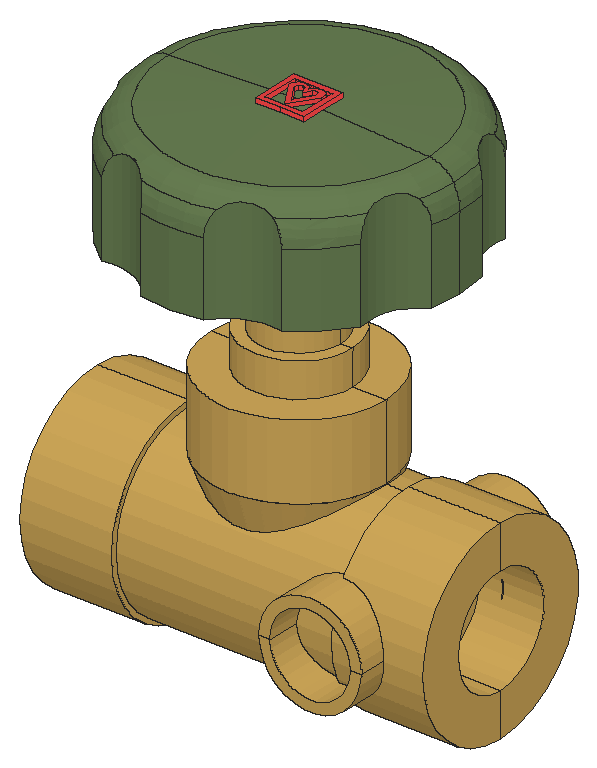
Revit family "Absperrventil 4215 AW IG-IG", category Rohrzubehör, Revit 2019
Family settings
  Bemaßung runder Anschluss = Durchmesser verwenden
  Teiletyp = Unterbricht
  OmniClass-Nummer = 23.65.55.14
  OmniClass-Titel = Valves for Liquid Services
  Arbeitsebenenbasiert = Nein
  Immer vertikal = Ja
  Beim Laden mit Abzugskörper schneiden = Nein
  Gemeinsam genutzt = Nein
Parameters
  URL = "www.herz-armaturen.at"
  T02 = 8.5 mm  # constant formula
  T01 [instance] = size_lookup("4215AW_", "T1", 17.5 mm, Nennweite)  # 23 mm
  R09 [instance] = R08 - 2 mm  # 7.5 mm
  O-Ringe = "EPDM"  # constant formula
  SC_NennweiteBerechnet = 0
  SC_Dimension = ""
  SCTWSEQ = "FW;SBT_TYP_FW=\"106\";2"
  SCTWCODE = "04;01;02"  # constant formula
  S03 = 60 mm  # constant formula
  S02 [instance] = H01 + H02 + H03  # 53.5 mm
  S01 [instance] = R01 * 2  # 36 mm
  R08 [instance] = size_lookup("4215AW_", "R8", 9.5 mm, Nennweite)  # 9.5 mm
  R07 = 3 mm  # constant formula
  R06 [instance] = size_lookup("4215AW_", "R6", 7.8 mm, Nennweite)  # 7.8 mm
  R05 [instance] = size_lookup("4215AW_", "R5", 10.1 mm, Nennweite)  # 10.1 mm
  R04 [instance] = size_lookup("4215AW_", "R4", 13.5 mm, Nennweite)  # 16.3 mm
  R03 [instance] = size_lookup("4215AW_", "R3", 15 mm, Nennweite)  # 17 mm
  R02 [instance] = Nennweite / 2  # 10 mm
  R01 [instance] = size_lookup("4215AW_", "R1", 16 mm, Nennweite)  # 18 mm
  Nennweite [instance] = 20 mm
  Min. Durchfluss bei Dp 10 kPa [instance] = if(Nennweite = 15 mm, 0.2, if(Nennweite = 20 mm, 0.4, if(Nennweite = 25 mm, 0.7, if(Nennweite = 32 mm, 1.2, if(Nennweite = 40 mm, 1.6, if(Nennweite = 50 mm, 2.7, 0))))))  # 0.4
  Medium = "Trinkwasser"  # constant formula
  Max. Differenzdruck auf geschlossenen Sitz = 1000000.0 Pa  # constant formula
  Max. Betriebstemperatur = 90 °C  # constant formula
  Max. Betriebsdruck = 1000000.0 Pa  # constant formula
  L03 [instance] = size_lookup("4215AW_", "L3", 15.5 mm, Nennweite)  # 19 mm
  L02 = 12 mm  # constant formula
  L01 [instance] = size_lookup("4215AW_", "L1", 16 mm, Nennweite)  # 17 mm
  L00 [instance] = size_lookup("4215AW_", "L", 65 mm, Nennweite)  # 75 mm
  Hinweis = "Gemäß Art 33 der REACH-Verordnung (EG Nr. 1907/2006) sind wir verpflichtet, darauf hinzuweisen, dass der Stoff Blei auf der SVHC-Liste geführt wird und dass alle aus Messing bestehenden Bauteile, die in unseren Erzeugnissen verarbeitet sind, mehr als 0,1 % (w/w) Blei (CAS: 7439-92-1 / EINECS: 231-100-4) enthalten.\r\nDa Blei als Legierungsbestandteil fest gebunden ist, sind keine Expositionen zu erwarten und daher sind keine zusätzlichen Angaben zur sicheren Verwendung notwendig."
  Hersteller = "HERZ Armaturen Ges.m.b.H."  # constant formula
  Handrad = "Kunstsoff, grün"  # constant formula
  H04 = 21 mm  # constant formula
  H03 [instance] = size_lookup("4215AW_", "H3", 14.6 mm, Nennweite)  # 16.1 mm
  H02 [instance] = size_lookup("4215AW_", "H2", 5.4 mm, Nennweite)  # 6.4 mm
  H01 [instance] = size_lookup("4215AW_", "H1", 26 mm, Nennweite)  # 31 mm
  H00 [instance] = H01 + H02 + H03  # 53.5 mm
  Gehäuse = "entzinkungsbeständiges Messing nach EN1982"  # constant formula
  Bestellnummer [instance] = size_lookup("4215AW_", "Artnr", 0, Nennweite)  # 2421532
  Anwendungsgebiet = "Zum Absperren von Trinkwasserleitungen und -anlagen in Gebäuden"
Reference planes
  plane 1 "Mitte (Vorne/hinten)": y = 0
  plane 2: z = 0
  plane 3 "Mitte (Links/rechts)": x = 0
Forms (mm)
  Revolve 1, solid, material "Messing, weicher Gelbton, geschweißt", detail levels fine
    sketch origin (470, 0, 0) x (1, 0, 0) y (0, 0, 1)
      loop
        line (-507.5, 10) -> (-495.5, 10) -> (-495.5, 0) -> (-444.5, 0) -> (-444.5, 10) -> (-432.5, 10) -> (-432.5, 18) -> (-449.5, 18) -> (-449.5, 17) -> (-490.5, 17) -> (-490.5, 18) -> (-507.5, 18) -> (-507.5, 10)
      axis (-507.5, 0) -> (-432.5, 0)
    angle from 0 to 360
  Revolve 2, solid, material "Messing, weicher Gelbton, geschweißt", detail levels fine
    sketch origin (0, 0, 0) x (1, 0, 0) y (0, 0, 1)
      loop
        line (0, 0) -> (0, 53.5) -> (-7.8, 53.5) -> (-7.8, 37.4) -> (-10.1, 37.4) -> (-10.1, 31) -> (-16.3, 31) -> (-16.3, 17) -> (-10, 0) -> (0, 0)
      axis (0, 53.5) -> (0, 0)
    angle from 0 to 360
  Revolve 3, solid, material "Messing, weicher Gelbton, geschweißt", detail levels fine
    sketch origin (0, 0, 0) x (1, 0, 0) y (0, 1, 0)
      loop
        line (20.5, -14.5) -> (28, -14.5) -> (28, -23) -> (30, -23) -> (30, -10) -> (23.5, -10) -> (23.5, 10) -> (30, 10) -> (30, 23) -> (20.5, 23) -> (20.5, -14.5)
      axis (20.5, 23) -> (20.5, -23)
    angle from 0 to 360
Lines and regions (mm)
  model lines, detail levels coarse+medium
    curve 1: line (-37.5, 0, 18) -> (-37.5, 0, -18)
    curve 2: line (-37.5, 0, -18) -> (37.5, 0, 18)
    curve 3: line (37.5, 0, 18) -> (37.5, 0, -18)
    curve 4: line (37.5, 0, -18) -> (-37.5, 0, 18)
    curve 5: line (0, 0, 0) -> (0, 0, 53.5)
    curve 6: line (-30, 0, 53.5) -> (30, 0, 53.5)
    curve 7: line (-37.5, -18, 0) -> (-37.5, 18, 0)
    curve 8: line (-37.5, 18, 0) -> (37.5, -18, 0)
    curve 9: line (37.5, -18, 0) -> (37.5, 18, 0)
    curve 10: line (37.5, 18, 0) -> (-37.5, -18, 0)
    curve 11: line (0, 0, 0) -> (0, 53.5, 0)
    curve 12: line (30, 53.5, 0) -> (-30, 53.5, 0)
Dimensions and locks
  "L00": Revolve 1 sketch curve to Revolve 1 sketch curve
  equal spacing: Revolve 1 sketch curve, plane 3 "Mitte (Links/rechts)", Revolve 1 sketch curve
  "R01": Revolve 1 sketch curve to Revolve 1 sketch curve  (x2)
  "R02": Revolve 1 sketch curve to Revolve 1 sketch curve  (x2)
  "L01": Revolve 1 sketch curve to Revolve 1 sketch curve  (x2)
  "L02": Revolve 1 sketch curve to Revolve 1 sketch curve  (x2)
  "R03": Revolve 1 sketch curve to Revolve 1 sketch curve
  "R03": Revolve 2 sketch curve to Revolve 2 sketch curve
  "R02": Revolve 2 sketch curve to Revolve 2 sketch curve
  "R04": Revolve 2 sketch curve to Revolve 2 sketch curve
  "R05": Revolve 2 sketch curve to Revolve 2 sketch curve
  "R06": Revolve 2 sketch curve to Revolve 2 sketch curve
  "H01": Revolve 2 sketch curve to plane 2
  "T01": Revolve 3 sketch curve to plane 1 "Mitte (Vorne/hinten)" to Revolve 3 sketch curve
  "R02": Revolve 3 sketch curve to plane 1 "Mitte (Vorne/hinten)"
  "R02": plane 1 "Mitte (Vorne/hinten)" to Revolve 3 sketch curve
  "R07": Revolve 3 sketch curve to Revolve 3 sketch curve
  "H02": Revolve 2 sketch curve to Revolve 2 sketch curve
  "H03": Revolve 2 sketch curve to Revolve 2 sketch curve
  "H00": nested 1 to plane 2
  "H04": nested 2 to Revolve 2
  equal spacing: curve 4, plane 2, curve 2
  "S01": curve 4 to curve 2
  equal spacing: curve 3, plane 2, curve 4
  "S01": curve 3 to curve 4
  equal spacing: curve 1, plane 3 "Mitte (Links/rechts)", curve 3
  "L00": curve 1 to curve 3
  "S02": curve 5 to plane 2
  equal spacing: curve 6, curve 5, curve 6
  "S03": curve 6 to curve 6
  equal spacing: curve 10, plane 1 "Mitte (Vorne/hinten)", curve 8
  "S01": curve 8 to curve 10
  equal spacing: curve 9, plane 1 "Mitte (Vorne/hinten)", curve 10
  "S01": curve 10 to curve 9
  equal spacing: curve 7, plane 3 "Mitte (Links/rechts)", curve 9
  "L00": curve 7 to curve 9
  "S02": plane 1 "Mitte (Vorne/hinten)" to curve 11
  equal spacing: curve 12, curve 11, curve 12
  "S03": curve 12 to curve 12
  "T02": Revolve 3 sketch curve to Revolve 3 sketch curve
  "R08": Revolve 3 sketch curve to Revolve 3 sketch curve
  "R03": Revolve 3 sketch curve to Revolve 1
  "R09": Revolve 3 sketch curve to Revolve 3 sketch curve
  aligned and locked: level to plane 2
Automatic sketch dimensions
  curve 5 to level = 0 mm
  curve 11 to plane 3 "Mitte (Links/rechts)" = 0 mm
  Revolve 1 sketch curve to level = 0 mm  (x2)
  Revolve 1 sketch curve to Revolve 1 sketch curve = 791.99 mm
  Revolve 1 sketch curve to Revolve 1 sketch curve = 2278.983 mm
  Revolve 2 sketch curve to level = 0 mm
  Revolve 2 sketch curve to plane 3 "Mitte (Links/rechts)" = 0 mm  (x2)
  Revolve 2 sketch curve to Revolve 2 sketch curve = 366.045 mm
  Revolve 2 sketch curve to Revolve 2 sketch curve = 2165.278 mm
  Revolve 3 sketch curve to Revolve 3 sketch curve = 0 mm  (x2)
  Revolve 3 sketch curve to Revolve 3 sketch curve = 6.5 mm
  Revolve 3 sketch curve to Revolve 3 sketch curve = 3.768 mm
Nested families
  nested 1: "Strömax-Handrad (Grün)" at (0, 0, 53.5), type "Strömax-Handrad (Grün)", detail levels fine
    with Nennweite 0 mm, Gewicht 0.00 kg, Bestellnummer 0
  nested 2: "Herz-Logo" at (0, 0, 74.5), type "Herz-Logo", detail levels fine
Connectors
  piping at (-25.5, 0, 0), diameter 20, driven by "Nennweite"
    settings: on Revolve 1, index 1, connector inside diameter 609.6 mm, connector length 0 mm, flow factor 0, pipe flow 0.0 L/s, pressure drop 0.0 Pa, fitting loss kfactor 0, connector angle 0.00°, fixture units 0, engagement length 0 mm, angle of deflection 0.00°, flow configuration 0, flow direction 1, fitting loss method 0, system type 29, joint type 0, gender type 0, connector reference index -1, connector utility 0, adjustable connector no, is connector primary yes, connector description ""
  piping at (25.5, 0, 0), diameter 20, driven by "Nennweite"
    settings: on Revolve 1, index 2, connector inside diameter 609.6 mm, connector length 0 mm, flow factor 0, pipe flow 0.0 L/s, pressure drop 0.0 Pa, fitting loss kfactor 0, connector angle 0.00°, fixture units 0, engagement length 0 mm, angle of deflection 0.00°, flow configuration 0, flow direction 2, fitting loss method 0, system type 29, joint type 0, gender type 0, connector reference index -1, connector utility 0, adjustable connector no, is connector primary no, connector description ""
Definition of nested family "Strömax-Handrad (Grün)"
  Parameters (values of type "Strömax-Handrad (Grün)")
    URL = "www.herz-armaturen.at"
    Nennweite [instance] = 0 mm
    Manufacturer = "Herz Armaturen GmbH"  # constant formula
    Gewicht [instance] = 0.00 kg
    Bestellnummer [instance] = 0
  Reference planes
    plane 1 "Mitte (Vorne/hinten)": y = 0
    plane 2: z = 0
    plane 3 "Mitte (Links/rechts)": x = 0
  Forms (mm)
    Revolve 1, solid
      sketch origin (0, 0, 0) x (1, 0, 0) y (0, 0, 1)
        loop
          line (0, 0) -> (0, 22)
          arc (0, 22) -> (-12.15, 21.705) -> (-24.271, 20.819) r 250
          arc (-24.271, 20.819) -> (-26.831, 19.959) -> (-28.754, 18.063) r 6
          arc (-28.754, 18.063) -> (-29.682, 16.008) -> (-30, 13.776) r 8
          line (-30, 13.776) -> (-30, 0) -> (0, 0)
        axis (0, 22) -> (0, 0)
      angle from 0 to 360
    Extrusion 2, void
      sketch origin (0, 0, 0) x (1, 0, 0) y (0, 1, 0)
        loop
          circle (14.351, -34.645) r 10
      from 0 to 22
    Extrusion 3, void
      sketch origin (0, 0, 0) x (-1, 0, 0) y (0, -1, 0)
        loop
          circle (14.351, 34.645) r 10
      from 0 to 22
    Extrusion 4, void
      sketch origin (0, 0, 0) x (0, -1, 0) y (1, 0, 0)
        loop
          circle (14.351, 34.645) r 10
      from 0 to 22
    Extrusion 5, void
      sketch origin (0, 0, 0) x (0, 1, 0) y (-1, 0, 0)
        loop
          circle (14.351, -34.645) r 10
      from 0 to 22
    Extrusion 6, void
      sketch origin (0, 0, 0) x (0, -1, 0) y (1, 0, 0)
        loop
          circle (14.351, -34.645) r 10
      from 0 to 22
    Extrusion 7, void
      sketch origin (0, 0, 0) x (0, 1, 0) y (-1, 0, 0)
        loop
          circle (14.351, 34.645) r 10
      from 0 to 22
    Extrusion 8, void
      sketch origin (0, 0, 0) x (1, 0, 0) y (0, 1, 0)
        loop
          circle (14.351, 34.645) r 10
      from 0 to 22
    Extrusion 9, void
      sketch origin (0, 0, 0) x (-1, 0, 0) y (0, -1, 0)
        loop
          circle (14.351, -34.645) r 10
      from 0 to 22
  Cuts and joins
    Extrusion 2, Extrusion 3, Extrusion 4, Extrusion 5, Extrusion 6, Extrusion 7, Extrusion 8, Extrusion 9 cuts Revolve 1
  Dimensions and locks
    aligned and locked: level to plane 2
Definition of nested family "Herz-Logo"
  Reference planes
    plane 1 "Mitte (Vorne/hinten)": y = 0
    plane 2: z = 0
    plane 3 "Mitte (Links/rechts)": x = 0
  Forms (mm)
    Extrusion 1, solid
      sketch origin (0, 0, 0) x (1, 0, 0) y (0, 1, 0)
        loop
          line (-0.018, -4.517) -> (4.482, -4.517) -> (4.482, 4.483) -> (-4.518, 4.483) -> (-4.518, -4.517) -> (-0.018, -4.517)
        loop
          line (-0.05, -3.48) -> (3.482, -3.48) -> (3.482, 3.483) -> (-3.518, 3.483) -> (-3.518, -3.48) -> (-0.05, -3.48)
        loop
          arc (-0.018, 2.383) -> (-1.543, 3.287) -> (-3.067, 2.383) r 1.738
          arc (-3.067, 2.383) -> (-3.191, 1.899) -> (-3.067, 1.415) r 1.009
          line (-3.067, 1.415) -> (-0.018, -3.281) -> (3.032, 1.415)
          arc (3.032, 1.415) -> (3.156, 1.899) -> (3.032, 2.383) r 1.009
          arc (3.032, 2.383) -> (1.507, 3.287) -> (-0.018, 2.383) r 1.738
        loop
          arc (1.885, 1.272) -> (2.005, 1.675) -> (1.885, 2.079) r 0.74
          arc (1.885, 2.079) -> (1.265, 2.416) -> (0.644, 2.079) r 0.74
          line (0.644, 2.079) -> (-0.018, 0.97) -> (-0.679, 2.079)
          arc (-0.679, 2.079) -> (-1.3, 2.416) -> (-1.921, 2.079) r 0.74
          arc (-1.921, 2.079) -> (-2.04, 1.675) -> (-1.921, 1.272) r 0.74
          line (-1.921, 1.272) -> (-0.018, -1.658) -> (1.885, 1.272)
      from 0 to 1.5
  Dimensions and locks
    aligned and locked: level to plane 2
